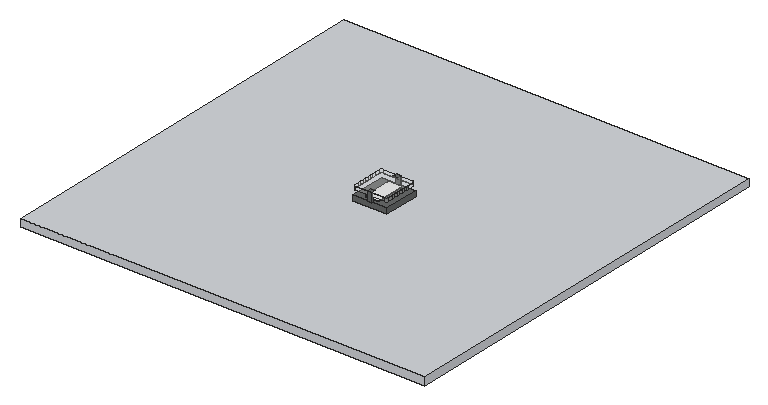
Revit family "P710080-031-30", category Lighting Fixtures, host Face, Revit 2014
Parameters (values of type "P710080-031-30")
  Wings = Paint - Hubbell - Light Silver
  Width = 8.000"
  Watts = 10 W
  Wattage Comments = "10W"
  Wattage = 10 W
  Warranty = "5 years Warranty"  # constant formula
  built-in parameter 1150110 = 1 (stored number, unit not read)
  Voltage = 120 V
  URL = "https://www.hubbell.com/progresslighting/en"
  built-in parameter 1114217 = 1 (stored number, unit not read)
  Tilt Angle = -90.00°
  built-in parameter 1150109 = 1 (stored number, unit not read)
  built-in parameter 1150134 = 3
  built-in parameter 1150113 = 1 (stored number, unit not read)
  Reflector Finish = Hubbell - White Glass
  Product Link = "https://www.hubbell.com/progresslighting/en/Products/Lighting-Controls/Residential-Indoor-Lighting/Sconces-Wall-Brackets/LED-Stone-Glass-Sconce-Collection-Black-ADA-Wall-Sconce/p/3980849"
  Product Documentation Link = "https://hubbellcdn.com/specsheet/PROG_P710080-031-30_spec.pdf"
  Power Factor = 1
  Photometric Web File = "PROG_P710080-031-30_19.01537_testlabreports.ies"
  Mounting = Paint - Hubbell - Light Silver
  Model = "P710080-031-30"  # constant formula
  Manufacturer = "Progress Lighting"  # constant formula
  built-in parameter 1150105 = -771200 (stored number, unit not read)
  Lumens = 800 lm
  built-in parameter 1150115 = 1 (stored number, unit not read)
  Load Classification = Lighting
  built-in parameter 1150137 = (empty or 0)
  built-in parameter 1150139 = (empty or 0)
  HeightLength = 8.500"
  built-in parameter 1150112 = 1 (stored number, unit not read)
  built-in parameter 1150114 = 1 (stored number, unit not read)
  Lamp = "LED"  # constant formula
  built-in parameter 1150132 = (empty or 0)
  built-in parameter 1150102 = (empty or 0)
  built-in parameter 1150107 = 3200 (stored number, unit not read)
  built-in parameter 1150138 = (empty or 0)
  built-in parameter 1150106 = -7712 (stored number, unit not read)
  Housing Material = Paint - Hubbell - Basic Black Textured
  Glass = Hubbell - Glass
  Fixture distribution = "Direct"  # constant formula
  Features = "Clear Stone glass Square Panel\r\n• The organic features of this wall sconce make it seem like it’s one with nature.\r\n• The handmade, clear stone glass shade steals the show with its underwater-inspired ambiance.\r\n• The shade is held in place by a minimalist black frame that transforms your home into a\r\nnaturally beautiful soothing place for you and your family.\r\n• Ideal for bedroom, hallway, foyer, bathroom, or living room.\r\n• Perfect for transitional, modern, or contemporary settings.\r\n• Measures 8-inch width by 8-1/2-inch height.\r\n• Uses one integrated LED (9.5w max).\r\n• Compatible with many Triac dimmers (see dimming controls)\r\n• Includes installation instructions and mounting hardware.\r\n• Progress Lighting products are designed for exceptional quality, reliability, and functionality.\r\n• Dimmable to 10% brightness (See Dimming Notes)\r\n• Canopy covers a standard 4” recessed outlet box: 8 in W., 4.75 in ht., 0.75 in depth\r\n• Mounting backplate for outlet box included\r\n• 6 in of wire supplied\r\n• Americans With Disabilities Act (ADA) compliant"  # constant formula
  Depth = 3.250"
  built-in parameter 1150104 = 7.4322 (stored number, unit not read)
  Dimming Lamp Color Temperature Shift = <None>
  Description = "The organic features of this wall sconce make it seem like it’s one with nature.\r\nThe handmade, clear stone glass shade steals the show with its underwater-inspired ambiance. The shade is held in place by a minimalist black frame\r\nthat transforms your home into a naturally beautiful soothing place for you\r\nand your family."  # constant formula
  Default Elevation = 48.000"
  Copyright = " ©2020 Progress Lighting, a division of Hubbell Lighting, Inc"  # constant formula
  Contact = "https://www.hubbell.com/progresslighting/en/contactUs"
  Connector Description = "Lighting Connector"  # constant formula
  Color Filter = 16777215
  built-in parameter 1114218 = 1 (stored number, unit not read)
  built-in parameter 1150133 = 10 (stored number, unit not read)
  Assembly Code = "D5020200"
  Apparent Load = Watts / Power Factor  # 10 VA
Reference planes (in)
  plane 1 "Center (Front/Back)": y = 0
  plane 2: z = 0.5561
  plane 3 "Center (Left/Right)": x = 0
  plane 4: x = -4
  plane 5: x = 4
  plane 6: y = 4.25
  plane 7: y = -4.25
  plane 8: z = 3.8061
Forms (in)
  Extrusion 1, solid
    sketch origin (0, 0, 0) x (1, 0, 0) y (0, 1, 0)
      loop
        line (-48, 48) -> (-48, -48) -> (48, -48) -> (48, 48) -> (-48, 48)
    from 0.5561 to -1.25
  Extrusion 2, solid, material "Paint - Hubbell - Basic Black Textured" <- "Housing Material"
    sketch origin (0, 0, 0) x (1, 0, 0) y (0, 1, 0)
      loop
        line (-4, 4.25) -> (-4, -4.25) -> (4, -4.25) -> (4, 4.25) -> (-4, 4.25)
    from 0.5561 to 1.77776
  Extrusion 3, solid, material "Hubbell - Glass" <- "Glass"
    sketch origin (0, 0, 0) x (1, 0, 0) y (0, 1, 0)
      loop
        arc (-3.5, 4.15) -> (-3.85355, 4.00355) -> (-4, 3.65) r 0.5
        line (-4, 3.65) -> (-4, 2.37999)
        arc (-4, 2.37999) -> (-3.95849, 2.00499) -> (-4, 1.62999) r 1.71464
        line (-4, 1.62999) -> (-4, 1.12999)
        arc (-4, 1.12999) -> (-3.95849, 0.75499) -> (-4, 0.37999) r 1.71464
        line (-4, 0.37999) -> (-4, -0.37001)
        arc (-4, -0.37001) -> (-3.95849, -0.74501) -> (-4, -1.12001) r 1.71464
        line (-4, -1.12001) -> (-4, -1.87001)
        arc (-4, -1.87001) -> (-3.95849, -2.24501) -> (-4, -2.62001) r 1.71464
        line (-4, -2.62001) -> (-4, -3.6732)
        arc (-4, -3.6732) -> (-3.85355, -4.02675) -> (-3.5, -4.1732) r 0.5
        line (-3.5, -4.1732) -> (3.5, -4.1732)
        arc (3.5, -4.1732) -> (3.85355, -4.02675) -> (4, -3.6732) r 0.5
        line (4, -3.6732) -> (4, -2.62001)
        arc (4, -2.62001) -> (3.95849, -2.24501) -> (4, -1.87001) r 1.71464
        line (4, -1.87001) -> (4, -1.12001)
        arc (4, -1.12001) -> (3.95849, -0.74501) -> (4, -0.37001) r 1.71464
        line (4, -0.37001) -> (4, 0.37999)
        arc (4, 0.37999) -> (3.95849, 0.75499) -> (4, 1.12999) r 1.71464
        line (4, 1.12999) -> (4, 1.62999)
        arc (4, 1.62999) -> (3.95849, 2.00499) -> (4, 2.37999) r 1.71464
        line (4, 2.37999) -> (4, 3.65)
        arc (4, 3.65) -> (3.85355, 4.00355) -> (3.5, 4.15) r 0.5
        line (3.5, 4.15) -> (-3.5, 4.15)
    from 2.8459 to 3.7061
  Extrusion 4, solid, material "Paint - Hubbell - Basic Black Textured" <- "Housing Material"
    sketch origin (0, 0, 0) x (0, 1, 0) y (0, 0, 1)
      loop
        line (-4.25, 1.77776) -> (-4.15, 1.77776) -> (-4.15, 3.7061) -> (-3.25, 3.7061) -> (-3.25, 3.8061) -> (-4.25, 3.8061) -> (-4.25, 1.77776)
      loop
        line (4.25, 1.77776) -> (4.25, 3.8061) -> (3.25, 3.8061) -> (3.25, 3.7061) -> (4.15, 3.7061) -> (4.15, 1.77776) -> (4.25, 1.77776)
    from -0.5 to 0.5
  Extrusion 5, solid, material "Hubbell - White Glass" <- "Reflector Finish"
    sketch origin (0, 0, 0) x (1, 0, 0) y (0, 1, 0)
      loop
        arc (-1.29936, 3.44692) -> (-1.5822, 3.32976) -> (-1.69936, 3.04692) r 0.4
        line (-1.69936, 3.04692) -> (-1.69936, -3.15308)
        arc (-1.69936, -3.15308) -> (-1.5822, -3.43592) -> (-1.29936, -3.55308) r 0.4
        line (-1.29936, -3.55308) -> (1.15064, -3.55308)
        arc (1.15064, -3.55308) -> (1.43348, -3.43592) -> (1.55064, -3.15308) r 0.4
        line (1.55064, -3.15308) -> (1.55064, 3.04692)
        arc (1.55064, 3.04692) -> (1.43348, 3.32976) -> (1.15064, 3.44692) r 0.4
        line (1.15064, 3.44692) -> (-1.29936, 3.44692)
    from 1.77776 to 2.08658
Dimensions and locks (in)
  "Width": plane 4 to plane 5
  "HeightLength": plane 7 to plane 6
  equal spacing: plane 4, plane 3 "Center (Left/Right)", plane 5
  "Depth": plane 8 to plane 2
  equal spacing: plane 7, plane 1 "Center (Front/Back)", plane 6
  aligned and locked: plane 2 to Extrusion 1
Automatic sketch dimensions
  Extrusion 1 sketch curve to Extrusion 1 sketch curve = 96.000"  (x2)
  Extrusion 2 sketch curve to plane 4 = 0.000"
  Extrusion 2 sketch curve to plane 5 = 0.000"
  plane 7 to Extrusion 2 sketch curve = 0.000"
  plane 6 to Extrusion 2 sketch curve = 0.000"
  Extrusion 4 sketch curve to plane 7 = 0.000"
  Extrusion 4 sketch curve to plane 8 = 0.000"  (x2)
  Extrusion 4 sketch curve to plane 6 = 0.000"
  Extrusion 4 sketch curve to Extrusion 4 sketch curve = 0.100"
  Extrusion 4 sketch curve to plane 8 = 0.100"  (x2)
  Extrusion 4 sketch curve to Extrusion 4 sketch curve = 0.900"
  plane 6 to Extrusion 4 sketch curve = 1.000"
  plane 6 to Extrusion 4 sketch curve = 0.100"
  plane 2 to Extrusion 4 sketch curve = 1.22166"  (x2)
  Extrusion 3 sketch curve to plane 4 = 0.000"  (x5)
  plane 6 to Extrusion 3 sketch curve = 0.100"
  Extrusion 3 sketch curve to plane 7 = 0.0768"
  Extrusion 3 sketch curve to plane 5 = 0.000"  (x5)
  plane 1 "Center (Front/Back)" to Extrusion 3 sketch curve = 0.74501"  (x2)
  Extrusion 3 sketch curve to plane 4 = 1.67313"
  Extrusion 3 sketch curve to plane 1 "Center (Front/Back)" = 0.75499"  (x2)
  Extrusion 3 sketch curve to Extrusion 3 sketch curve = 0.000"  (x5)
  plane 4 to Extrusion 3 sketch curve = 0.500"  (x2)
  Extrusion 3 sketch curve to Extrusion 3 sketch curve = 0.500"  (x4)
  plane 5 to Extrusion 3 sketch curve = 1.67313"  (x2)
  Extrusion 3 sketch curve to Extrusion 3 sketch curve = 1.05318"  (x2)
  Extrusion 3 sketch curve to Extrusion 3 sketch curve = 1.500"  (x2)
  Extrusion 3 sketch curve to Extrusion 3 sketch curve = 0.750"  (x2)
  Extrusion 3 sketch curve to plane 1 "Center (Front/Back)" = 0.37999"  (x2)
  Extrusion 3 sketch curve to Extrusion 3 sketch curve = 1.250"  (x2)
  Extrusion 5 sketch curve to plane 7 = 1.09692"
  Extrusion 5 sketch curve to plane 3 "Center (Left/Right)" = 1.69936"
  Extrusion 5 sketch curve to Extrusion 5 sketch curve = 0.400"  (x3)
  plane 3 "Center (Left/Right)" to Extrusion 5 sketch curve = 1.15064"  (x2)
  plane 6 to Extrusion 5 sketch curve = 1.20308"
Connectors (in)
  electrical at (0, 0, 0.5561), driven by "Voltage", driven by "Apparent Load", driven by "Power Factor", driven by "Connector Description"
    settings: on Extrusion 2, index 1, voltage 120 V, apparent load 10 VA, apparent load phase1 0 VA, apparent load phase2 0 VA, apparent load phase3 0 VA, power factor 1, load classification "Other", number of poles 1, system type 30, power factor state 1, is connector primary yes, connector utility no, sub classification motor no, connector description "Lighting Connector"
